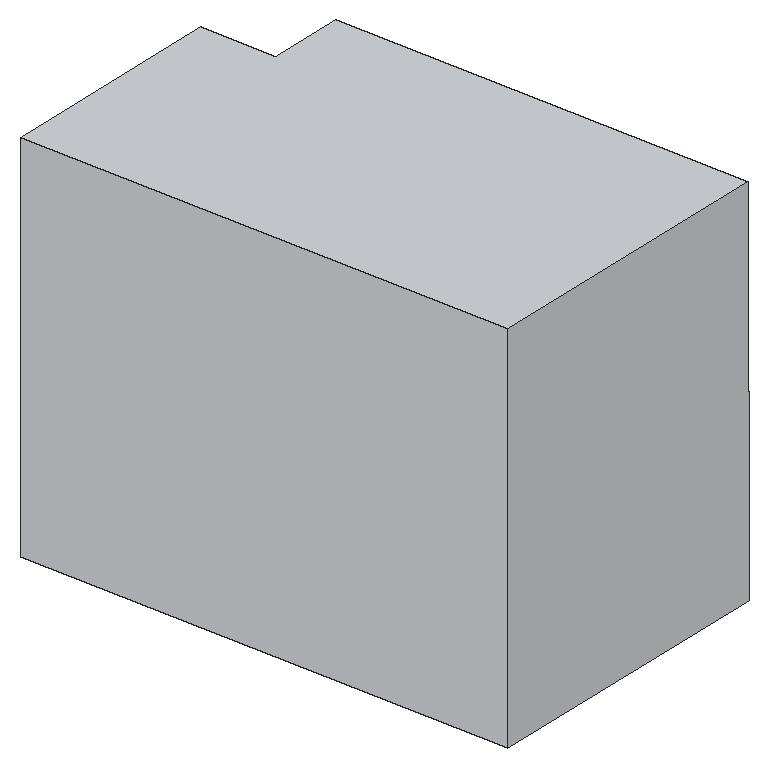
Revit family "M_Rectangular Elbow - Mitered - Transition", category Duct Fittings, Revit 2014
Parameters (values of type "Standard")
  Duct Width 2 [instance] = 550 mm
  Duct Width 1 [instance] = 300 mm
  Shoulder Length [instance] = 100 mm
  HalfHeight [instance] = Duct Height / 2  # 250 mm
  Duct Height [instance] = 500 mm
Reference planes
  plane 1 "Center (Front/Back)": y = 0
  plane 2: z = 0
  plane 3 "Center (Left/Right)": x = 0
  plane 4: x = -275
  plane 5: x = 275
  plane 6: y = 150
  plane 7: y = -150
  plane 8: y = 250
  plane 9: x = -375
  plane 10 "Bottom": z = -250
  plane 11: y = 152.4
  plane 12: y = -152.4
  plane 13: x = 279.4
  plane 14: x = -279.4
Forms (mm)
  Extrusion 1, solid, detail levels medium+fine
    sketch origin (0, 0, -250) x (1, 0, 0) y (0, 1, 0)
      loop
        line (-375, 150) -> (-375, -150) -> (275, -150) -> (275, 250) -> (-275, 250) -> (-275, 150) -> (-375, 150)
    from 0 to 500 <- "Duct Height"
Lines and regions (mm)
  reference lines
    curve 1: line (-375, 150, 0) -> (-275, 150, 0)
    curve 2: line (-275, 150, 0) -> (-275, 250, 0)
    curve 3: line (-275, 250, 0) -> (275, 250, 0)
    curve 4: line (275, 250, 0) -> (275, -150, 0)
    curve 5: line (275, -150, 0) -> (-375, -150, 0)
    curve 6: line (-375, -150, 0) -> (-375, 150, 0)
    curve 7: line (279.4, 250, -250) -> (-279.4, 250, -250)
    curve 8: line (-375, 152.4, -250) -> (-375, -152.4, -250)
    curve 9: line (-375, -152.4, -250) -> (279.4, -152.4, -250)
    curve 10: line (279.4, -152.4, -250) -> (279.4, 250, -250)
    curve 11: line (-279.4, 250, -250) -> (-279.4, 152.4, -250)
    curve 12: line (-279.4, 152.4, -250) -> (-375, 152.4, -250)
    curve 13: line (-375, 152.4, -250) -> (-375, -152.4, -250)
    curve 14: line (279.4, -152.4, -250) -> (-375, -152.4, -250)
    curve 15: line (279.4, -152.4, -250) -> (279.4, 250, -250)
    curve 16: line (279.4, 250, -250) -> (-279.4, 250, -250)
    curve 17: line (-279.4, 250, -250) -> (-279.4, 152.4, -250)
  model lines, detail levels coarse
    curve 18: line (-375, 0, 0) -> (0, 0, 0)
    curve 19: line (0, 250, 0) -> (0, 0, 0)
Dimensions and locks
  equal spacing: plane 4, plane 3 "Center (Left/Right)", plane 5
  "Duct Width 2": plane 4 to plane 5
  equal spacing: plane 7, plane 1 "Center (Front/Back)", plane 6
  "Duct Width 1": plane 7 to plane 6
  plane 10 "Bottom" to plane 2 = 250 mm
  "HalfHeight": plane 2 to plane 10 "Bottom"
  "Shoulder Length": plane 9 to plane 4
  "Shoulder Length": plane 6 to plane 8
  aligned and locked: plane 4 to curve 1
  aligned and locked: plane 6 to curve 2
  aligned and locked: Extrusion 1 sketch curve to curve 1
  aligned and locked: Extrusion 1 sketch curve to curve 6
  aligned and locked: Extrusion 1 sketch curve to curve 5
  aligned and locked: Extrusion 1 sketch curve to curve 4
  aligned and locked: Extrusion 1 sketch curve to curve 3
  aligned and locked: Extrusion 1 sketch curve to curve 2
  aligned and locked: connector elem to curve 18
  aligned and locked: connector elem to curve 19
Automatic sketch dimensions
  curve 6 to plane 9 = 0 mm
  curve 5 to plane 7 = 0 mm
  curve 4 to plane 5 = 0 mm
  curve 2 to plane 8 = 0 mm
  curve 13 to plane 9 = 0 mm
  curve 11 to plane 14 = 0 mm
  curve 17 to plane 11 = 0 mm
  curve 16 to plane 8 = 0 mm
  curve 16 to plane 13 = 0 mm
  curve 14 to plane 12 = 0 mm
  curve 18 to plane 9 = 0 mm
  curve 19 to plane 8 = 0 mm
Connectors
  hvac at (-375, 0, 0), driven by "Duct Height", driven by "Duct Width 1"
    settings: on Extrusion 1, index 1, duct flow 0.0 L/s, flow factor 0, pres drop 0.0 Pa, loss coef 0, conn angle 90.00°, conn width 300 mm, conn height 500 mm, conn diameter 609.6 mm, duct sys type 28, conn prof type 1, flow config 0, flow direction 0, loss method 0, conn ref index 2, conn util no, is conn primary yes, conn desc ""
  hvac at (0, 250, 0), driven by "Duct Height", driven by "Duct Width 2"
    settings: on Extrusion 1, index 2, duct flow 0.0 L/s, flow factor 0, pres drop 0.0 Pa, loss coef 0, conn angle 90.00°, conn width 550 mm, conn height 500 mm, conn diameter 609.6 mm, duct sys type 28, conn prof type 1, flow config 0, flow direction 0, loss method 0, conn ref index 1, conn util no, is conn primary no, conn desc ""
